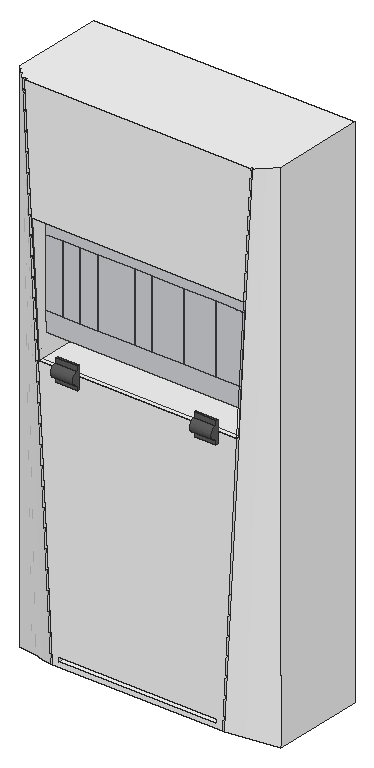
Revit family "Zumtobel eBox", category Lighting Fixtures, Revit 2016
Family settings
  Part Type = Normal
  Round Connector Dimension = Use Diameter
  Work Plane-Based = No
  Always vertical = Yes
  Cut with Voids When Loaded = No
  Light Source = No
  Shared = No
  Room Calculation Point = No
Parameters (values of type "ONLITE central eBox MS1200")
  Width = 600 mm
  Voltage = 230 V  # constant formula
  URL = "http://www.zumtobel.com/22176359"
  Type Comments = "© Zumtobel. We reserve the right to make technical changes without prior notice."  # constant formula
  Onlite eBox SUB = not(Onlite eBox)  # no
  Onlite eBox = yes
  Model = "22176359"
  Manufacturer = "Zumtobel Lighting"  # constant formula
  Height = 1200 mm
  Fitting = ZG_Plastic_Black
  Description = "Central emergency lighting unit"  # constant formula
  Depth = 250 mm
  Cover = ZG_Plastics_Transparent
  Body = ZG_Metal_White
  Apparent Load = 5500 VA
Types (4, lengths in mm): name | Width | URL | Onlite eBox SUB | Onlite eBox | Model | Height | Depth | Cover | Apparent Load
  (no name) | 600 | "http://www.zumtobel.com/22176359" | no | yes | "22176359" | 1200 | 250 | ZG_Plastics_Transparent | 5500 VA
  ONLITE central eBox MS1200 | 600 | "http://www.zumtobel.com/22176359" | no | yes | "22176359" | 1200 | 250 | ZG_Plastics_Transparent | 5500 VA
  ONLITE central eBox MS1700 | 600 | "http://www.zumtobel.com/com-en/products/1338.html?22176472" | no | yes | "22176472" | 1690 | 250 | ZG_Plastics_Transparent | 5500 VA
  ONLITE central eBox SUB | 300 | "http://www.zumtobel.com/22185290" | yes | no | "22185290" | 370 | 164 | ZG_Plastic_Black | 1000 VA
Reference planes
  plane 1 "Back": y = 0
  plane 2 "Bottom": z = 0
  plane 3 "Center (Left/Right)": x = 0
  plane 4: z = 1200
  plane 5 "Left": x = -300
  plane 6 "Right": x = 300
  plane 7 "Front": y = -250
  plane 8: z = 1690
  plane 9: z = 920
  plane 10: z = 630
  plane 11: z = 15
  plane 12 "Interior": y = -150
  plane 13: z = 607.5
Forms (mm)
  Blend 1, solid, material "ZG_Metal_White" <- "Body", visible <- "Onlite eBox"
    base sketch origin (0, 0, 0) x (1, 0, 0) y (0, 1, 0)
      loop
        line (-300, 0) -> (-300, -213.603) -> (-200, -250) -> (-200, -245) -> (-195, -245) -> (-195, -250) -> (195, -250) -> (195, -245) -> (200, -245) -> (200, -250) -> (300, -213.603) -> (300, 0) -> (-300, 0)
    top sketch origin (0, 0, 0) x (1, 0, 0) y (0, 1, 0)
      loop
        line (-300, 0) -> (-300, -213.603) -> (-265, -250) -> (-265, -245) -> (-260, -245) -> (-260, -250) -> (260, -250) -> (260, -245) -> (265, -245) -> (265, -250) -> (300, -213.603) -> (300, 0) -> (-300, 0)
    from 0 to 1200
  Extrusion 2, void
    sketch origin (0, 0, 0) x (0, 1, 0) y (0, 0, 1)
      loop
        line (-250, 15) -> (-250, 0) -> (-213.603, 0) -> (-250, 15)
    from -300 to 300
  Extrusion 3, void
    sketch origin (0, -250, 0) x (-1, 0, 0) y (0, 0, 1)
      loop
        line (182.454, 25) -> (182.454, 35) -> (-182.5, 35) -> (-182.5, 25) -> (182.454, 25)
    from 0 to 225
  Extrusion 4, void
    sketch origin (0, -250, 0) x (-1, 0, 0) y (0, 0, 1)
      loop
        line (244.833, 920) -> (-244.833, 920) -> (-229.125, 630) -> (229.125, 630) -> (244.833, 920)
    from 0 to 100
  Extrusion 5, solid, visible <- "Onlite eBox"
    sketch origin (0, -150, 0) x (-1, 0, 0) y (0, 0, 1)
      loop
        line (-232.5, 723.643) -> (-232.5, 678.643) -> (232.5, 678.643) -> (232.5, 723.643) -> (-232.5, 723.643)
      loop
        line (-232.5, 880) -> (232.5, 880) -> (232.5, 915) -> (-232.5, 915) -> (-232.5, 880)
    from -75 to 0
  Extrusion 6, solid, visible <- "Onlite eBox"
    sketch origin (-5, -150, 0) x (-1, 0, 0) y (0, 0, 1)
      loop
        line (22.5, 723.643) -> (107.5, 723.643) -> (107.5, 880) -> (22.5, 880) -> (22.5, 723.643)
    from -75 to 0
  Extrusion 7, solid, visible <- "Onlite eBox"
    sketch origin (-90, -150, 0) x (-1, 0, 0) y (0, 0, 1)
      loop
        line (22.5, 723.643) -> (62.5, 723.643) -> (62.5, 880) -> (22.5, 880) -> (22.5, 723.643)
    from -75 to 0
  Extrusion 8, solid, visible <- "Onlite eBox"
    sketch origin (-130, -150, 0) x (-1, 0, 0) y (0, 0, 1)
      loop
        line (22.5, 723.643) -> (62.5, 723.643) -> (62.5, 880) -> (22.5, 880) -> (22.5, 723.643)
    from -75 to 0
  Extrusion 9, solid, visible <- "Onlite eBox"
    sketch origin (-170, -150, 0) x (-1, 0, 0) y (0, 0, 1)
      loop
        line (22.5, 723.643) -> (62.5, 723.643) -> (62.5, 880) -> (22.5, 880) -> (22.5, 723.643)
    from -75 to 0
  Extrusion 10, solid, visible <- "Onlite eBox"
    sketch origin (35, -150, 0) x (-1, 0, 0) y (0, 0, 1)
      loop
        line (22.5, 723.643) -> (62.5, 723.643) -> (62.5, 880) -> (22.5, 880) -> (22.5, 723.643)
    from -75 to 0
  Extrusion 11, solid, visible <- "Onlite eBox"
    sketch origin (215, -150, 0) x (-1, 0, 0) y (0, 0, 1)
      loop
        line (-17.5, 723.643) -> (55.833, 723.643) -> (55.833, 880) -> (-17.5, 880) -> (-17.5, 723.643)
    from -75 to 0
  Extrusion 12, solid, visible <- "Onlite eBox"
    sketch origin (65, -150, 0) x (-1, 0, 0) y (0, 0, 1)
      loop
        line (-20.833, 723.643) -> (52.5, 723.643) -> (52.5, 880) -> (-20.833, 880) -> (-20.833, 723.643)
    from -75 to 0
  Extrusion 13, solid, visible <- "Onlite eBox"
    sketch origin (135, -150, 0) x (-1, 0, 0) y (0, 0, 1)
      loop
        line (-24.167, 723.643) -> (49.167, 723.643) -> (49.167, 880) -> (-24.167, 880) -> (-24.167, 723.643)
    from -75 to 0
  Extrusion 14, solid, material "ZG_Plastics_Transparent" <- "Cover", visible <- "Onlite eBox"
    sketch origin (0, -150, 0) x (-1, 0, 0) y (0, 0, 1)
      loop
        line (229.125, 630) -> (244.833, 920) -> (-244.833, 920) -> (-229.125, 630) -> (229.125, 630)
    from -100 to -90
  Extrusion 15, solid, material "ZG_Plastic_Black" <- "Fitting", visible <- "Onlite eBox"
    sketch origin (-160, 0, 0) x (0, 1, 0) y (0, 0, 1)
      loop
        line (-250, 605) -> (-250, 655) -> (-255, 655) -> (-255, 644.142)
        arc (-255, 644.142) -> (-269.142, 630) -> (-255, 615.858) r 14.142
        line (-255, 615.858) -> (-255, 605) -> (-250, 605)
    from -25 to 25
  Extrusion 16, solid, material "ZG_Plastic_Black" <- "Fitting", visible <- "Onlite eBox"
    sketch origin (160, 0, 0) x (0, 1, 0) y (0, 0, -1)
      loop
        line (-250, -605) -> (-255, -605) -> (-255, -615.858)
        arc (-255, -615.858) -> (-269.142, -630) -> (-255, -644.142) r 14.142
        line (-255, -644.142) -> (-255, -655) -> (-250, -655) -> (-250, -605)
    from -25 to 25
Cuts and joins
  Extrusion 2, Extrusion 3, Extrusion 4 cuts Blend 1
Lines and regions (mm)
  Masking region 1, visible <- "Onlite eBox"
    outline origin (0, 0, 0) x (1, 0, 0) y (0, 1, 0)
      loop
        line (-300, 0) -> (-300, -213.603) -> (-265, -250) -> (265, -250) -> (300, -213.603) -> (300, 0) -> (-300, 0)
Dimensions and locks
  "Height": plane 4 to plane 2 "Bottom"
  plane 4 to plane 9 to plane 10 = 280 mm locked, 290 mm locked
  equal spacing: plane 4, plane 13, plane 11
  locked: plane 13 to connector elem
  aligned and locked: level to plane 2 "Bottom"
  aligned and locked: plane 4 to Blend 1
  aligned and locked: Blend 1 to plane 2 "Bottom"
  aligned and locked: Extrusion 2 to plane 5 "Left"
  aligned and locked: Extrusion 2 to plane 6 "Right"
  aligned and locked: Extrusion 4 sketch curve to plane 9
  aligned and locked: cut or joined group of Blend 1, Extrusion 2, Extrusion 3, Extrusion 4 to Extrusion 4 sketch curve  (x2)
  aligned and locked: Extrusion 4 sketch curve to plane 10
  aligned and locked: Extrusion 14 sketch curve to cut or joined group of Blend 1, Extrusion 2, Extrusion 3, Extrusion 4  (x2)
  aligned and locked: plane 10 to Extrusion 14 sketch curve
  aligned and locked: plane 9 to Extrusion 14 sketch curve
  aligned and locked: Masking region 1 sketch curve to cut or joined group of Blend 1, Extrusion 2, Extrusion 3, Extrusion 4  (x2)
  aligned and locked: plane 7 "Front" to Masking region 1 sketch curve
  aligned and locked: plane 6 "Right" to Masking region 1 sketch curve
Automatic sketch dimensions
  Blend 1 sketch curve to plane 5 "Left" = 0 mm  (x2)
  Blend 1 sketch curve to plane 7 "Front" = 0 mm  (x6)
  Blend 1 sketch curve to plane 6 "Right" = 0 mm  (x2)
  plane 1 "Back" to Blend 1 sketch curve = 0 mm  (x2)
  Blend 1 sketch curve to Blend 1 sketch curve = 5 mm  (x4)
  plane 7 "Front" to Blend 1 sketch curve = 5 mm  (x4)
  plane 7 "Front" to Blend 1 sketch curve = 36.397 mm  (x4)
  Extrusion 2 sketch curve to level = 0 mm
  Extrusion 2 sketch curve to plane 7 "Front" = 0 mm
  Extrusion 2 sketch curve to plane 11 = 0 mm
  Extrusion 2 sketch curve to Extrusion 2 sketch curve = 36.397 mm
  plane 10 to Extrusion 5 sketch curve = 48.643 mm
  Extrusion 5 sketch curve to Extrusion 5 sketch curve = 45 mm
  Extrusion 5 sketch curve to plane 9 = 40 mm
  Extrusion 5 sketch curve to plane 9 = 5 mm
  Extrusion 6 sketch curve to plane 3 "Center (Left/Right)" = 27.5 mm
  plane 10 to Extrusion 6 sketch curve = 93.643 mm
  Extrusion 6 sketch curve to plane 9 = 40 mm
  plane 10 to Extrusion 7 sketch curve = 93.643 mm
  Extrusion 7 sketch curve to plane 9 = 40 mm
  plane 10 to Extrusion 8 sketch curve = 93.643 mm
  Extrusion 8 sketch curve to plane 9 = 40 mm
  plane 10 to Extrusion 9 sketch curve = 93.643 mm
  Extrusion 9 sketch curve to plane 9 = 40 mm
  plane 3 "Center (Left/Right)" to Extrusion 10 sketch curve = 12.5 mm
  Extrusion 10 sketch curve to plane 3 "Center (Left/Right)" = 27.5 mm
  plane 10 to Extrusion 10 sketch curve = 93.643 mm
  Extrusion 10 sketch curve to plane 9 = 40 mm
  plane 10 to Extrusion 11 sketch curve = 93.643 mm
  Extrusion 11 sketch curve to plane 9 = 40 mm
  plane 3 "Center (Left/Right)" to Extrusion 12 sketch curve = 85.833 mm
  plane 3 "Center (Left/Right)" to Extrusion 12 sketch curve = 12.5 mm
  plane 10 to Extrusion 12 sketch curve = 93.643 mm
  Extrusion 12 sketch curve to plane 9 = 40 mm
  Extrusion 13 sketch curve to Extrusion 13 sketch curve = 73.333 mm
  plane 10 to Extrusion 13 sketch curve = 93.643 mm
  Extrusion 13 sketch curve to plane 9 = 40 mm
  Extrusion 15 sketch curve to plane 10 = 0 mm
  Extrusion 15 sketch curve to plane 7 "Front" = 0 mm
  Extrusion 15 sketch curve to plane 7 "Front" = 5 mm
  Extrusion 15 sketch curve to plane 10 = 14.142 mm
  Extrusion 15 sketch curve to Extrusion 15 sketch curve = 10.858 mm  (x2)
  Extrusion 16 sketch curve to plane 10 = 0 mm
  Extrusion 16 sketch curve to plane 7 "Front" = 0 mm
  plane 7 "Front" to Extrusion 16 sketch curve = 5 mm
  plane 10 to Extrusion 16 sketch curve = 14.142 mm
  Extrusion 16 sketch curve to Extrusion 16 sketch curve = 10.858 mm  (x2)
  plane 7 "Front" to Masking region 1 sketch curve = 36.397 mm  (x2)
  plane 11 to Extrusion 3 sketch curve = 10 mm
  Extrusion 3 sketch curve to Extrusion 3 sketch curve = 10 mm
  plane 6 "Right" to Blend 1 sketch curve = 105 mm
  plane 6 "Right" to Blend 1 sketch curve = 40 mm
  plane 6 "Right" to Extrusion 3 sketch curve = 117.5 mm
  plane 6 "Right" to Extrusion 5 sketch curve = 67.5 mm  (x2)
  plane 6 "Right" to Extrusion 11 sketch curve = 67.5 mm
  Extrusion 11 sketch curve to Extrusion 11 sketch curve = 73.333 mm
  plane 6 "Right" to Extrusion 13 sketch curve = 140.833 mm
  plane 6 "Right" to Masking region 1 sketch curve = 35 mm
  plane 5 "Left" to Blend 1 sketch curve = 100 mm
  plane 5 "Left" to Blend 1 sketch curve = 35 mm
  plane 5 "Left" to Extrusion 3 sketch curve = 117.546 mm
  plane 5 "Left" to Extrusion 5 sketch curve = 67.5 mm  (x2)
  Extrusion 6 sketch curve to Extrusion 6 sketch curve = 85 mm
  Extrusion 7 sketch curve to plane 3 "Center (Left/Right)" = 112.5 mm
  Extrusion 7 sketch curve to Extrusion 7 sketch curve = 40 mm
  plane 5 "Left" to Extrusion 8 sketch curve = 147.5 mm
  Extrusion 8 sketch curve to Extrusion 8 sketch curve = 40 mm
  plane 5 "Left" to Extrusion 9 sketch curve = 107.5 mm
  Extrusion 9 sketch curve to Extrusion 9 sketch curve = 40 mm
  plane 5 "Left" to Masking region 1 sketch curve = 35 mm
Nested families
  nested 1: "Onlite eBox SUB" at (0, 0, 0), visible <- "Onlite eBox SUB", type "Onlite eBox SUB"
Connectors
  electrical at (0, 0, 607.5), driven by "Voltage", driven by "Apparent Load"
    settings: index 1, voltage 230 V, apparent load 0 VA, apparent load phase1 5500 VA, apparent load phase2 0 VA, apparent load phase3 0 VA, power factor 1, load classification "Other", number of poles 1, system type 31, power factor state 1, is connector primary yes, connector utility no, sub classification motor no, connector description ""
Definition of nested family "Onlite eBox SUB"
  Parameters (values of type "Family1")
    Fitting = none
    Body = none
  Reference planes
    plane 1 "Light Source Axis (F/B)": y = 0
    plane 2: z = 0
    plane 3 "Light Source Axis (L/R)": x = 0
    plane 4 "Light Source Elevation": z = 1400
  Forms (mm)
    Blend 1, solid, material <- "Body"
      base sketch origin (0, 0, 0) x (1, 0, 0) y (0, 1, 0)
        loop
          line (-150, 0) -> (-150, -127.603) -> (-75, -164) -> (75, -164) -> (150, -127.603) -> (150, 0) -> (-150, 0)
      top sketch origin (0, 0, 0) x (1, 0, 0) y (0, 1, 0)
        loop
          line (-150, 0) -> (-150, -127.603) -> (-115, -164) -> (115, -164) -> (150, -127.603) -> (150, 0) -> (-150, 0)
      from 0 to 370
    Extrusion 2, void
      sketch origin (0, -164, -25) x (-1, 0, 0) y (0, 0, 1)
        loop
          circle (0, 50) r 12.5
      from 0 to 25
    Extrusion 3, solid, material <- "Fitting"
      sketch origin (0, -164, -25) x (-1, 0, 0) y (0, 0, 1)
        loop
          circle (0, 50) r 12.5
      from 0 to 25
  Cuts and joins
    Extrusion 2 cuts Blend 1
  Lines and regions (mm)
    Masking region 1
      outline origin (0, 0, 1400) x (0, -1, 0) y (1, 0, 0)
        loop
          line (0, -150) -> (127.603, -150) -> (164, -115) -> (164, 115) -> (127.603, 150) -> (0, 150) -> (0, -150)
  Dimensions and locks
    aligned and locked: plane 2 to level
